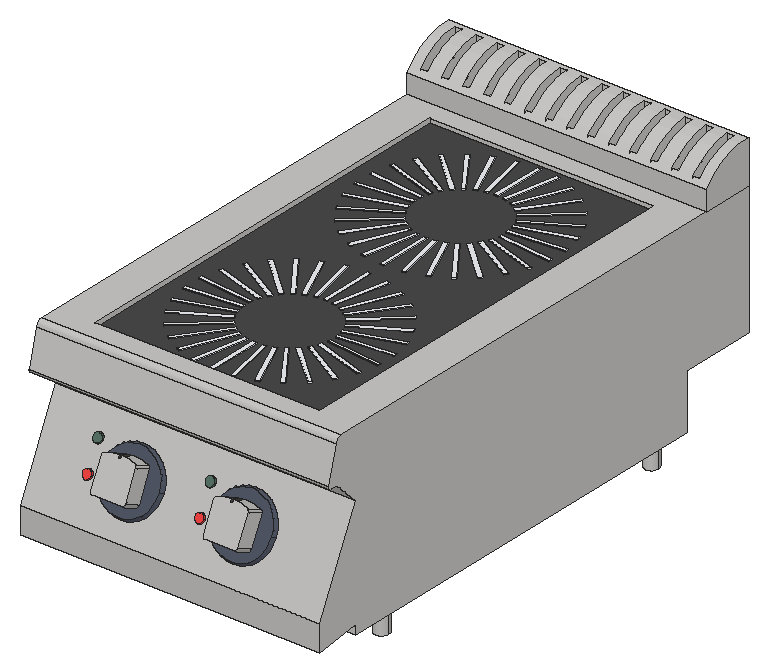
Revit family "QF_ZANUSSI_372175_Z7INED200P", category Specialty Equipment, Revit 2018
Family settings
  Round Connector Dimension = Use Diameter
  Part Type = Normal
  Work Plane-Based = No
  Always vertical = Yes
  Cut with Voids When Loaded = No
  Shared = No
  Room Calculation Point = No
Parameters
  Width = 400 mm  # constant formula
  Weight in Pounds = 44  # constant formula
  Weight = 0.00 kg
  Watts = 10000 W  # constant formula
  Volts = 400 V  # constant formula
  URL Manufacturer = "http://www.zanussiprofessional.com"
  URL Cutsheet = "www.electrolux.com/foodservice"
  URL = "http://www.zanussiprofessional.com"
  Type Mark [instance] = ""
  Steam Supply Size = 0"
  Steam Supply Minimum Pressure = 0.00 psi
  Steam Supply Maximum Pressure = 0.00 psi
  Steam Pounds per Hour = 0
  Status [instance] = ""
  Specification by User [instance] = ""
  Specification by Manufacturer = ""
  Show Logo [instance] = yes
  Show Clearance [instance] = yes
  Serial Number = ""
  Seismic Rating = ""
  SMACNA No = ""
  Revision Code [instance] = ""
  Refrigeration Suction Line Size = 0"
  Refrigeration Liquid Line Size = 0"
  Refrigerant Compressor Remote = yes
  Phase = 3  # constant formula
  Omniclass Number and Title = ""
  Number of Poles [instance] = 1
  NAFEM Spec ID Number = ""
  Model = "Z7INED200P"
  Min Ckt Ampacity = 0 A
  Max Overcurrent Protection = 0 A
  Masterspec = ""
  Manufacturer = "Zanussi"
  Length Actual = 400 mm  # constant formula
  Item Number [instance] = "372175"
  Installed By [instance] = ""
  Identify Quantity as Lot [instance] = yes
  Hot Water Size = 0"
  Height Actual = 250 mm  # constant formula
  Height = 332 mm  # constant formula
  HP = "13.4 HP"
  Gas Size = 0"
  Gas KW = 0
  Gas Input Pressure = 0.0 Btu/h
  Furnished By [instance] = ""
  Foodservice Equipment Identifier [instance] = yes
  FL Amps = if(Phase = 3, Watts / (Volts * 1.73), Watts / Volts)  # 14.4509 A
  Electrical Remarks [instance] = "400 V/3 ph/50/60 Hz"  # constant formula
  Electric Connection Type [instance] = ""
  Elec Conn RI Height [instance] = 0 mm
  Elec Conn Connection Height [instance] = 0 mm
  Direct Waste Size = 0"
  Description = "ELECTRIC INDUCTION COOKING TOP HP 400 MM"
  Depth Actual = 700 mm  # constant formula
  Depth = 715 mm  # constant formula
  Cycle = if([60 Hertz Option], 60 Hz, 50 Hz)  # 60 Hz
  Conn Plug = ""
  Conn Conduit = yes
  Condensate Return Size = 0"
  Compressed Air Volume = 0 GPM
  Compressed Air Size = 0"
  Compressed Air Pressure = 0.00 psi
  Cold Water Size = 0"
  CSI MasterFormat = ""
  CSI Master Format = ""
  Base Height [instance] = 24 mm  # constant formula
  Assembly Code = ""
  Apparent Power = if(Phase = 3, Volts * FL Amps * 1.73, Volts * FL Amps)  # 10000 VA
  Accessory = yes
  60 Hertz Option = not([50 Hertz Option])  # yes
  50 Hertz Option = no
Reference planes
  plane 1 "BACK": y = 0
  plane 2: z = 0
  plane 3 "LEFT": x = 0
  plane 4 "RIGHT": x = 400
  plane 5 "FRONT": y = -715
  plane 6 "TOP": z = 332
  plane 7 "Center Y": x = 200
  plane 8 "Center X": y = -357.5
  plane 9 "BASE": z = 24
  plane 10 "TOP A": z = 274
  plane 11: y = -597.884
  plane 12: y = -147.637
Forms (mm)
  Extrusion 1, solid, material "QF_Finishes_Stainless Steel"
    sketch origin (0, 0, 0) x (0, 1, 0) y (0, 0, 1)
      loop
        line (0, 98) -> (0, 274) -> (-679.358, 274)
        arc (-679.358, 274) -> (-684.643, 271.811) -> (-686.833, 266.526) r 7.474
        line (-686.833, 266.526) -> (-699.884, 221.011)
        arc (-699.884, 221.011) -> (-699.396, 218.379) -> (-697, 217.184) r 3
        line (-697, 217.184) -> (-686.802, 217.184) -> (-654.982, 185.364) -> (-715, 64.508) -> (-715, 29.508) -> (-658.645, 37.428)
        arc (-658.645, 37.428) -> (-656.101, 36.674) -> (-655, 34.259) r 3.2
        line (-655, 34.259) -> (-655, 24) -> (-103, 24) -> (-103, 98) -> (0, 98)
    from 0 to 400
  Extrusion 2, solid, material "QF_Finishes_Stainless Steel"
    sketch origin (0, 0, 0) x (0, 1, 0) y (0, 0, 1)
      loop
        line (0, 274) -> (0, 332)
        arc (0, 332) -> (-38.715, 323.821) -> (-69.85, 299.4) r 87.358
        line (-69.85, 299.4) -> (-69.85, 274) -> (0, 274)
    from 0 to 400
  Extrusion 3, void
    sketch origin (0, 0, 274) x (-1, 0, 0) y (0, -1, 0)
      loop
        line (-50, 93.262) -> (-50, 653.262) -> (-350, 653.262) -> (-350, 93.262) -> (-50, 93.262)
    from 0 to -6.35
  Extrusion 4, void
    sketch origin (0, 0, 274) x (-1, 0, 0) y (0, -1, 0)
      loop
        line (-13.453, 6.761) -> (-13.453, 63.911) -> (-22.749, 63.911) -> (-22.749, 6.761) -> (-13.453, 6.761)
    from 25.4 to 63.5
  Extrusion 5, void
    sketch origin (400.05, 0, 274) x (1, 0, 0) y (0, 1, 0)
      loop
        line (-13.503, -6.761) -> (-22.799, -6.761) -> (-22.799, -63.911) -> (-13.503, -63.911) -> (-13.503, -6.761)
    from 25.4 to 63.5
  Extrusion 6, void
    sketch origin (27.988, 0, 274) x (-1, 0, 0) y (0, -1, 0)
      loop
        line (-13.453, 6.761) -> (-13.453, 63.911) -> (-22.749, 63.911) -> (-22.749, 6.761) -> (-13.453, 6.761)
    from 25.4 to 63.5
  Extrusion 7, void
    sketch origin (55.977, 0, 274) x (-1, 0, 0) y (0, -1, 0)
      loop
        line (-13.453, 6.761) -> (-13.453, 63.911) -> (-22.749, 63.911) -> (-22.749, 6.761) -> (-13.453, 6.761)
    from 25.4 to 63.5
  Extrusion 8, void
    sketch origin (83.965, 0, 274) x (-1, 0, 0) y (0, -1, 0)
      loop
        line (-13.428, 6.761) -> (-13.428, 63.911) -> (-22.724, 63.911) -> (-22.724, 6.761) -> (-13.428, 6.761)
    from 25.4 to 63.5
  Extrusion 9, void
    sketch origin (111.953, 0, 274) x (-1, 0, 0) y (0, -1, 0)
      loop
        line (-13.428, 6.761) -> (-13.428, 63.911) -> (-22.724, 63.911) -> (-22.724, 6.761) -> (-13.428, 6.761)
    from 25.4 to 63.5
  Extrusion 10, void
    sketch origin (139.942, 0, 274) x (-1, 0, 0) y (0, -1, 0)
      loop
        line (-13.428, 6.761) -> (-13.428, 63.911) -> (-22.724, 63.911) -> (-22.724, 6.761) -> (-13.428, 6.761)
    from 25.4 to 63.5
  Extrusion 11, void
    sketch origin (167.93, 0, 274) x (-1, 0, 0) y (0, -1, 0)
      loop
        line (-13.428, 6.761) -> (-13.428, 63.911) -> (-22.724, 63.911) -> (-22.724, 6.761) -> (-13.428, 6.761)
    from 25.4 to 63.5
  Extrusion 12, void
    sketch origin (195.918, 0, 274) x (-1, 0, 0) y (0, -1, 0)
      loop
        line (-13.428, 6.761) -> (-13.428, 63.911) -> (-22.724, 63.911) -> (-22.724, 6.761) -> (-13.428, 6.761)
    from 25.4 to 63.5
  Extrusion 13, void
    sketch origin (223.907, 0, 274) x (-1, 0, 0) y (0, -1, 0)
      loop
        line (-13.428, 6.761) -> (-13.428, 63.911) -> (-22.724, 63.911) -> (-22.724, 6.761) -> (-13.428, 6.761)
    from 25.4 to 63.5
  Extrusion 14, void
    sketch origin (251.895, 0, 274) x (-1, 0, 0) y (0, -1, 0)
      loop
        line (-13.428, 6.761) -> (-13.428, 63.911) -> (-22.724, 63.911) -> (-22.724, 6.761) -> (-13.428, 6.761)
    from 25.4 to 63.5
  Extrusion 15, void
    sketch origin (279.884, 0, 274) x (-1, 0, 0) y (0, -1, 0)
      loop
        line (-13.403, 6.761) -> (-13.403, 63.911) -> (-22.699, 63.911) -> (-22.699, 6.761) -> (-13.403, 6.761)
    from 25.4 to 63.5
  Extrusion 16, void
    sketch origin (307.872, 0, 274) x (-1, 0, 0) y (0, -1, 0)
      loop
        line (-13.403, 6.761) -> (-13.403, 63.911) -> (-22.699, 63.911) -> (-22.699, 6.761) -> (-13.403, 6.761)
    from 25.4 to 63.5
  Extrusion 17, void
    sketch origin (335.86, 0, 274) x (-1, 0, 0) y (0, -1, 0)
      loop
        line (-13.403, 6.761) -> (-13.403, 63.911) -> (-22.699, 63.911) -> (-22.699, 6.761) -> (-13.403, 6.761)
    from 25.4 to 63.5
  Extrusion 18, solid, material "QF_Finishes_Stainless Steel"
    sketch origin (0, 0, 0) x (1, 0, 0) y (0, 1, 0)
      loop
        circle (11.112, -147.638) r 9.525
      loop
        circle (11.112, -597.884) r 9.525
      loop
        circle (388.887, -147.638) r 9.525
      loop
        circle (388.887, -597.884) r 9.525
    from 0 to 24
  Extrusion 19, solid, material "QF_Finishes_Stainless Steel"
    sketch origin (0, -101.6, 101.788) x (0, 0, -1) y (-1, 0, 0)
      loop
        circle (43.882, -336.5) r 12.7
    from 0 to 12.7
  Extrusion 20, solid, material "QF_Finishes_Clearance", visible <- "Show Clearance", detail levels coarse
    sketch origin (0, 0, 0) x (1, 0, 0) y (0, 1, 0)
      loop
        line (0, -715) -> (0, 0) -> (400, 0) -> (400, -715) -> (550.019, -715) -> (550.019, 150.019) -> (-150.019, 150.019) -> (-150.019, -715) -> (0, -715)
    from 0 to 332
  Extrusion 21, solid, material "QF_Finishes_White"
    sketch origin (0, 0, 267.65) x (-1, 0, 0) y (0, -1, 0)
      loop
        line (-196.926, 361.478) -> (-201.926, 361.478) -> (-201.926, 288.082) -> (-196.926, 288.082) -> (-196.926, 361.478)
    from 0 to 0.8
  Extrusion 22, solid, material "QF_Finishes_White"
    sketch origin (52.177, 36.558, 267.65) x (-0.978148, 0.207912, 0) y (-0.207912, -0.978148, 0)
      loop
        line (-196.926, 361.478) -> (-201.926, 361.478) -> (-201.926, 288.082) -> (-196.926, 288.082) -> (-196.926, 361.478)
    from 0 to 0.8
  Extrusion 23, solid, material "QF_Finishes_White"
    sketch origin (-43.436, -46.607, 267.65) x (-0.978148, -0.207912, 0) y (0.207912, -0.978148, 0)
      loop
        line (-196.926, 361.478) -> (-201.926, 361.478) -> (-201.926, 288.082) -> (-196.926, 288.082) -> (-196.926, 361.478)
    from 0 to 0.8
  Extrusion 24, solid, material "QF_Finishes_White"
    sketch origin (-76.233, -101.226, 267.65) x (-0.913545, -0.406737, 0) y (0.406737, -0.913545, 0)
      loop
        line (-196.926, 361.478) -> (-201.926, 361.478) -> (-201.926, 288.082) -> (-196.926, 288.082) -> (-196.926, 361.478)
    from 0 to 0.8
  Extrusion 25, solid, material "QF_Finishes_White"
    sketch origin (-96.957, -161.471, 267.65) x (-0.809017, -0.587785, 0) y (0.587785, -0.809017, 0)
      loop
        line (-196.926, 361.478) -> (-201.926, 361.478) -> (-201.926, 288.082) -> (-196.926, 288.082) -> (-196.926, 361.478)
    from 0 to 0.8
  Extrusion 26, solid, material "QF_Finishes_White"
    sketch origin (-104.703, -224.708, 267.65) x (-0.669131, -0.743145, 0) y (0.743145, -0.669131, 0)
      loop
        line (-196.926, 361.478) -> (-201.926, 361.478) -> (-201.926, 288.082) -> (-196.926, 288.082) -> (-196.926, 361.478)
    from 0 to 0.8
  Extrusion 27, solid, material "QF_Finishes_White"
    sketch origin (-99.132, -288.174, 267.65) x (-0.5, -0.866025, 0) y (0.866025, -0.5, 0)
      loop
        line (-196.926, 361.478) -> (-201.926, 361.478) -> (-201.926, 288.082) -> (-196.926, 288.082) -> (-196.926, 361.478)
    from 0 to 0.8
  Extrusion 28, solid, material "QF_Finishes_White"
    sketch origin (-80.487, -349.094, 267.65) x (-0.309017, -0.951057, 0) y (0.951057, -0.309017, 0)
      loop
        line (-196.926, 361.478) -> (-201.926, 361.478) -> (-201.926, 288.082) -> (-196.926, 288.082) -> (-196.926, 361.478)
    from 0 to 0.8
  Extrusion 29, solid, material "QF_Finishes_White"
    sketch origin (-49.583, -404.807, 267.65) x (-0.104528, -0.994522, 0) y (0.994522, -0.104528, 0)
      loop
        line (-196.926, 361.478) -> (-201.926, 361.478) -> (-201.926, 288.082) -> (-196.926, 288.082) -> (-196.926, 361.478)
    from 0 to 0.8
  Extrusion 30, solid, material "QF_Finishes_White"
    sketch origin (-7.772, -452.877, 267.65) x (0.104528, -0.994522, 0) y (0.994522, 0.104528, 0)
      loop
        line (-196.926, 361.478) -> (-201.926, 361.478) -> (-201.926, 288.082) -> (-196.926, 288.082) -> (-196.926, 361.478)
    from 0 to 0.8
  Extrusion 31, solid, material "QF_Finishes_White"
    sketch origin (43.12, -491.203, 267.65) x (0.309017, -0.951057, 0) y (0.951057, 0.309017, 0)
      loop
        line (-196.926, 361.478) -> (-201.926, 361.478) -> (-201.926, 288.082) -> (-196.926, 288.082) -> (-196.926, 361.478)
    from 0 to 0.8
  Extrusion 32, solid, material "QF_Finishes_White"
    sketch origin (100.868, -518.111, 267.65) x (0.5, -0.866025, 0) y (0.866025, 0.5, 0)
      loop
        line (-196.926, 361.478) -> (-201.926, 361.478) -> (-201.926, 288.082) -> (-196.926, 288.082) -> (-196.926, 361.478)
    from 0 to 0.8
  Extrusion 33, solid, material "QF_Finishes_White"
    sketch origin (162.949, -532.424, 267.65) x (0.669131, -0.743145, 0) y (0.743145, 0.669131, 0)
      loop
        line (-196.926, 361.478) -> (-201.926, 361.478) -> (-201.926, 288.082) -> (-196.926, 288.082) -> (-196.926, 361.478)
    from 0 to 0.8
  Extrusion 34, solid, material "QF_Finishes_White"
    sketch origin (226.65, -533.518, 267.65) x (0.809017, -0.587785, 0) y (0.587785, 0.809017, 0)
      loop
        line (-196.926, 361.478) -> (-201.926, 361.478) -> (-201.926, 288.082) -> (-196.926, 288.082) -> (-196.926, 361.478)
    from 0 to 0.8
  Extrusion 35, solid, material "QF_Finishes_White"
    sketch origin (289.185, -521.343, 267.65) x (0.913545, -0.406737, 0) y (0.406737, 0.913545, 0)
      loop
        line (-196.926, 361.478) -> (-201.926, 361.478) -> (-201.926, 288.082) -> (-196.926, 288.082) -> (-196.926, 361.478)
    from 0 to 0.8
  Extrusion 36, solid, material "QF_Finishes_White"
    sketch origin (347.823, -496.432, 267.65) x (0.978148, -0.207912, 0) y (0.207912, 0.978148, 0)
      loop
        line (-196.926, 361.478) -> (-201.926, 361.478) -> (-201.926, 288.082) -> (-196.926, 288.082) -> (-196.926, 361.478)
    from 0 to 0.8
  Extrusion 37, solid, material "QF_Finishes_White"
    sketch origin (400, -459.875, 267.65) x (1, 0, 0) y (0, 1, 0)
      loop
        line (-196.926, 361.478) -> (-201.926, 361.478) -> (-201.926, 288.082) -> (-196.926, 288.082) -> (-196.926, 361.478)
    from 0 to 0.8
  Extrusion 38, solid, material "QF_Finishes_White"
    sketch origin (443.436, -413.268, 267.65) x (0.978148, 0.207912, 0) y (-0.207912, 0.978148, 0)
      loop
        line (-196.926, 361.478) -> (-201.926, 361.478) -> (-201.926, 288.082) -> (-196.926, 288.082) -> (-196.926, 361.478)
    from 0 to 0.8
  Extrusion 39, solid, material "QF_Finishes_White"
    sketch origin (476.233, -358.648, 267.65) x (0.913545, 0.406737, 0) y (-0.406737, 0.913545, 0)
      loop
        line (-196.926, 361.478) -> (-201.926, 361.478) -> (-201.926, 288.082) -> (-196.926, 288.082) -> (-196.926, 361.478)
    from 0 to 0.8
  Extrusion 40, solid, material "QF_Finishes_White"
    sketch origin (496.957, -298.403, 267.65) x (0.809017, 0.587785, 0) y (-0.587785, 0.809017, 0)
      loop
        line (-196.926, 361.478) -> (-201.926, 361.478) -> (-201.926, 288.082) -> (-196.926, 288.082) -> (-196.926, 361.478)
    from 0 to 0.8
  Extrusion 41, solid, material "QF_Finishes_White"
    sketch origin (504.703, -235.166, 267.65) x (0.669131, 0.743145, 0) y (-0.743145, 0.669131, 0)
      loop
        line (-196.926, 361.478) -> (-201.926, 361.478) -> (-201.926, 288.082) -> (-196.926, 288.082) -> (-196.926, 361.478)
    from 0 to 0.8
  Extrusion 42, solid, material "QF_Finishes_White"
    sketch origin (499.132, -171.701, 267.65) x (0.5, 0.866025, 0) y (-0.866025, 0.5, 0)
      loop
        line (-196.926, 361.478) -> (-201.926, 361.478) -> (-201.926, 288.082) -> (-196.926, 288.082) -> (-196.926, 361.478)
    from 0 to 0.8
  Extrusion 43, solid, material "QF_Finishes_White"
    sketch origin (480.487, -110.781, 267.65) x (0.309017, 0.951057, 0) y (-0.951057, 0.309017, 0)
      loop
        line (-196.926, 361.478) -> (-201.926, 361.478) -> (-201.926, 288.082) -> (-196.926, 288.082) -> (-196.926, 361.478)
    from 0 to 0.8
  Extrusion 44, solid, material "QF_Finishes_White"
    sketch origin (449.583, -55.068, 267.65) x (0.104528, 0.994522, 0) y (-0.994522, 0.104528, 0)
      loop
        line (-196.926, 361.478) -> (-201.926, 361.478) -> (-201.926, 288.082) -> (-196.926, 288.082) -> (-196.926, 361.478)
    from 0 to 0.8
  Extrusion 45, solid, material "QF_Finishes_White"
    sketch origin (407.772, -6.998, 267.65) x (-0.104528, 0.994522, 0) y (-0.994522, -0.104528, 0)
      loop
        line (-196.926, 361.478) -> (-201.926, 361.478) -> (-201.926, 288.082) -> (-196.926, 288.082) -> (-196.926, 361.478)
    from 0 to 0.8
  Extrusion 46, solid, material "QF_Finishes_White"
    sketch origin (356.88, 31.329, 267.65) x (-0.309017, 0.951057, 0) y (-0.951057, -0.309017, 0)
      loop
        line (-196.926, 361.478) -> (-201.926, 361.478) -> (-201.926, 288.082) -> (-196.926, 288.082) -> (-196.926, 361.478)
    from 0 to 0.8
  Extrusion 47, solid, material "QF_Finishes_White"
    sketch origin (299.132, 58.236, 267.65) x (-0.5, 0.866025, 0) y (-0.866025, -0.5, 0)
      loop
        line (-196.926, 361.478) -> (-201.926, 361.478) -> (-201.926, 288.082) -> (-196.926, 288.082) -> (-196.926, 361.478)
    from 0 to 0.8
  Extrusion 48, solid, material "QF_Finishes_White"
    sketch origin (237.051, 72.55, 267.65) x (-0.669131, 0.743145, 0) y (-0.743145, -0.669131, 0)
      loop
        line (-196.926, 361.478) -> (-201.926, 361.478) -> (-201.926, 288.082) -> (-196.926, 288.082) -> (-196.926, 361.478)
    from 0 to 0.8
  Extrusion 49, solid, material "QF_Finishes_White"
    sketch origin (173.35, 73.643, 267.65) x (-0.809017, 0.587785, 0) y (-0.587785, -0.809017, 0)
      loop
        line (-196.926, 361.478) -> (-201.926, 361.478) -> (-201.926, 288.082) -> (-196.926, 288.082) -> (-196.926, 361.478)
    from 0 to 0.8
  Extrusion 50, solid, material "QF_Finishes_White"
    sketch origin (110.815, 61.468, 267.65) x (-0.913545, 0.406737, 0) y (-0.406737, -0.913545, 0)
      loop
        line (-196.926, 361.478) -> (-201.926, 361.478) -> (-201.926, 288.082) -> (-196.926, 288.082) -> (-196.926, 361.478)
    from 0 to 0.8
  Extrusion 51, solid, material "QF_Finishes_White"
    sketch origin (0, -285, 267.65) x (-1, 0, 0) y (0, -1, 0)
      loop
        line (-196.926, 361.478) -> (-201.926, 361.478) -> (-201.926, 288.082) -> (-196.926, 288.082) -> (-196.926, 361.478)
    from 0 to 0.8
  Extrusion 52, solid, material "QF_Finishes_White"
    sketch origin (52.177, -248.442, 267.65) x (-0.978148, 0.207912, 0) y (-0.207912, -0.978148, 0)
      loop
        line (-196.926, 361.478) -> (-201.926, 361.478) -> (-201.926, 288.082) -> (-196.926, 288.082) -> (-196.926, 361.478)
    from 0 to 0.8
  Extrusion 53, solid, material "QF_Finishes_White"
    sketch origin (-43.436, -331.607, 267.65) x (-0.978148, -0.207912, 0) y (0.207912, -0.978148, 0)
      loop
        line (-196.926, 361.478) -> (-201.926, 361.478) -> (-201.926, 288.082) -> (-196.926, 288.082) -> (-196.926, 361.478)
    from 0 to 0.8
  Extrusion 54, solid, material "QF_Finishes_White"
    sketch origin (-76.233, -386.226, 267.65) x (-0.913545, -0.406737, 0) y (0.406737, -0.913545, 0)
      loop
        line (-196.926, 361.478) -> (-201.926, 361.478) -> (-201.926, 288.082) -> (-196.926, 288.082) -> (-196.926, 361.478)
    from 0 to 0.8
  Extrusion 55, solid, material "QF_Finishes_White"
    sketch origin (-96.957, -446.471, 267.65) x (-0.809017, -0.587785, 0) y (0.587785, -0.809017, 0)
      loop
        line (-196.926, 361.478) -> (-201.926, 361.478) -> (-201.926, 288.082) -> (-196.926, 288.082) -> (-196.926, 361.478)
    from 0 to 0.8
  Extrusion 56, solid, material "QF_Finishes_White"
    sketch origin (-104.703, -509.708, 267.65) x (-0.669131, -0.743145, 0) y (0.743145, -0.669131, 0)
      loop
        line (-196.926, 361.478) -> (-201.926, 361.478) -> (-201.926, 288.082) -> (-196.926, 288.082) -> (-196.926, 361.478)
    from 0 to 0.8
  Extrusion 57, solid, material "QF_Finishes_White"
    sketch origin (-99.132, -573.174, 267.65) x (-0.5, -0.866025, 0) y (0.866025, -0.5, 0)
      loop
        line (-196.926, 361.478) -> (-201.926, 361.478) -> (-201.926, 288.082) -> (-196.926, 288.082) -> (-196.926, 361.478)
    from 0 to 0.8
  Extrusion 58, solid, material "QF_Finishes_White"
    sketch origin (-80.487, -634.094, 267.65) x (-0.309017, -0.951057, 0) y (0.951057, -0.309017, 0)
      loop
        line (-196.926, 361.478) -> (-201.926, 361.478) -> (-201.926, 288.082) -> (-196.926, 288.082) -> (-196.926, 361.478)
    from 0 to 0.8
  Extrusion 59, solid, material "QF_Finishes_White"
    sketch origin (-49.583, -689.807, 267.65) x (-0.104528, -0.994522, 0) y (0.994522, -0.104528, 0)
      loop
        line (-196.926, 361.478) -> (-201.926, 361.478) -> (-201.926, 288.082) -> (-196.926, 288.082) -> (-196.926, 361.478)
    from 0 to 0.8
  Extrusion 60, solid, material "QF_Finishes_White"
    sketch origin (-7.772, -737.877, 267.65) x (0.104528, -0.994522, 0) y (0.994522, 0.104528, 0)
      loop
        line (-196.926, 361.478) -> (-201.926, 361.478) -> (-201.926, 288.082) -> (-196.926, 288.082) -> (-196.926, 361.478)
    from 0 to 0.8
  Extrusion 61, solid, material "QF_Finishes_White"
    sketch origin (43.12, -776.203, 267.65) x (0.309017, -0.951057, 0) y (0.951057, 0.309017, 0)
      loop
        line (-196.926, 361.478) -> (-201.926, 361.478) -> (-201.926, 288.082) -> (-196.926, 288.082) -> (-196.926, 361.478)
    from 0 to 0.8
  Extrusion 62, solid, material "QF_Finishes_White"
    sketch origin (100.868, -803.111, 267.65) x (0.5, -0.866025, 0) y (0.866025, 0.5, 0)
      loop
        line (-196.926, 361.478) -> (-201.926, 361.478) -> (-201.926, 288.082) -> (-196.926, 288.082) -> (-196.926, 361.478)
    from 0 to 0.8
  Extrusion 63, solid, material "QF_Finishes_White"
    sketch origin (162.949, -817.424, 267.65) x (0.669131, -0.743145, 0) y (0.743145, 0.669131, 0)
      loop
        line (-196.926, 361.478) -> (-201.926, 361.478) -> (-201.926, 288.082) -> (-196.926, 288.082) -> (-196.926, 361.478)
    from 0 to 0.8
  Extrusion 64, solid, material "QF_Finishes_White"
    sketch origin (226.65, -818.518, 267.65) x (0.809017, -0.587785, 0) y (0.587785, 0.809017, 0)
      loop
        line (-196.926, 361.478) -> (-201.926, 361.478) -> (-201.926, 288.082) -> (-196.926, 288.082) -> (-196.926, 361.478)
    from 0 to 0.8
  Extrusion 65, solid, material "QF_Finishes_White"
    sketch origin (289.185, -806.343, 267.65) x (0.913545, -0.406737, 0) y (0.406737, 0.913545, 0)
      loop
        line (-196.926, 361.478) -> (-201.926, 361.478) -> (-201.926, 288.082) -> (-196.926, 288.082) -> (-196.926, 361.478)
    from 0 to 0.8
  Extrusion 66, solid, material "QF_Finishes_White"
    sketch origin (347.823, -781.432, 267.65) x (0.978148, -0.207912, 0) y (0.207912, 0.978148, 0)
      loop
        line (-196.926, 361.478) -> (-201.926, 361.478) -> (-201.926, 288.082) -> (-196.926, 288.082) -> (-196.926, 361.478)
    from 0 to 0.8
  Extrusion 67, solid, material "QF_Finishes_White"
    sketch origin (400, -744.875, 267.65) x (1, 0, 0) y (0, 1, 0)
      loop
        line (-196.926, 361.478) -> (-201.926, 361.478) -> (-201.926, 288.082) -> (-196.926, 288.082) -> (-196.926, 361.478)
    from 0 to 0.8
  Extrusion 68, solid, material "QF_Finishes_White"
    sketch origin (443.436, -698.268, 267.65) x (0.978148, 0.207912, 0) y (-0.207912, 0.978148, 0)
      loop
        line (-196.926, 361.478) -> (-201.926, 361.478) -> (-201.926, 288.082) -> (-196.926, 288.082) -> (-196.926, 361.478)
    from 0 to 0.8
  Extrusion 69, solid, material "QF_Finishes_White"
    sketch origin (476.233, -643.648, 267.65) x (0.913545, 0.406737, 0) y (-0.406737, 0.913545, 0)
      loop
        line (-196.926, 361.478) -> (-201.926, 361.478) -> (-201.926, 288.082) -> (-196.926, 288.082) -> (-196.926, 361.478)
    from 0 to 0.8
  Extrusion 70, solid, material "QF_Finishes_White"
    sketch origin (496.957, -583.403, 267.65) x (0.809017, 0.587785, 0) y (-0.587785, 0.809017, 0)
      loop
        line (-196.926, 361.478) -> (-201.926, 361.478) -> (-201.926, 288.082) -> (-196.926, 288.082) -> (-196.926, 361.478)
    from 0 to 0.8
  Extrusion 71, solid, material "QF_Finishes_White"
    sketch origin (504.703, -520.166, 267.65) x (0.669131, 0.743145, 0) y (-0.743145, 0.669131, 0)
      loop
        line (-196.926, 361.478) -> (-201.926, 361.478) -> (-201.926, 288.082) -> (-196.926, 288.082) -> (-196.926, 361.478)
    from 0 to 0.8
  Extrusion 72, solid, material "QF_Finishes_White"
    sketch origin (499.132, -456.701, 267.65) x (0.5, 0.866025, 0) y (-0.866025, 0.5, 0)
      loop
        line (-196.926, 361.478) -> (-201.926, 361.478) -> (-201.926, 288.082) -> (-196.926, 288.082) -> (-196.926, 361.478)
    from 0 to 0.8
  Extrusion 73, solid, material "QF_Finishes_White"
    sketch origin (480.487, -395.781, 267.65) x (0.309017, 0.951057, 0) y (-0.951057, 0.309017, 0)
      loop
        line (-196.926, 361.478) -> (-201.926, 361.478) -> (-201.926, 288.082) -> (-196.926, 288.082) -> (-196.926, 361.478)
    from 0 to 0.8
  Extrusion 74, solid, material "QF_Finishes_White"
    sketch origin (449.583, -340.068, 267.65) x (0.104528, 0.994522, 0) y (-0.994522, 0.104528, 0)
      loop
        line (-196.926, 361.478) -> (-201.926, 361.478) -> (-201.926, 288.082) -> (-196.926, 288.082) -> (-196.926, 361.478)
    from 0 to 0.8
  Extrusion 75, solid, material "QF_Finishes_White"
    sketch origin (407.772, -291.998, 267.65) x (-0.104528, 0.994522, 0) y (-0.994522, -0.104528, 0)
      loop
        line (-196.926, 361.478) -> (-201.926, 361.478) -> (-201.926, 288.082) -> (-196.926, 288.082) -> (-196.926, 361.478)
    from 0 to 0.8
  Extrusion 76, solid, material "QF_Finishes_White"
    sketch origin (356.88, -253.671, 267.65) x (-0.309017, 0.951057, 0) y (-0.951057, -0.309017, 0)
      loop
        line (-196.926, 361.478) -> (-201.926, 361.478) -> (-201.926, 288.082) -> (-196.926, 288.082) -> (-196.926, 361.478)
    from 0 to 0.8
  Extrusion 77, solid, material "QF_Finishes_White"
    sketch origin (299.132, -226.764, 267.65) x (-0.5, 0.866025, 0) y (-0.866025, -0.5, 0)
      loop
        line (-196.926, 361.478) -> (-201.926, 361.478) -> (-201.926, 288.082) -> (-196.926, 288.082) -> (-196.926, 361.478)
    from 0 to 0.8
  Extrusion 78, solid, material "QF_Finishes_White"
    sketch origin (237.051, -212.45, 267.65) x (-0.669131, 0.743145, 0) y (-0.743145, -0.669131, 0)
      loop
        line (-196.926, 361.478) -> (-201.926, 361.478) -> (-201.926, 288.082) -> (-196.926, 288.082) -> (-196.926, 361.478)
    from 0 to 0.8
  Extrusion 79, solid, material "QF_Finishes_White"
    sketch origin (173.35, -211.357, 267.65) x (-0.809017, 0.587785, 0) y (-0.587785, -0.809017, 0)
      loop
        line (-196.926, 361.478) -> (-201.926, 361.478) -> (-201.926, 288.082) -> (-196.926, 288.082) -> (-196.926, 361.478)
    from 0 to 0.8
  Extrusion 80, solid, material "QF_Finishes_White"
    sketch origin (110.815, -223.532, 267.65) x (-0.913545, 0.406737, 0) y (-0.406737, -0.913545, 0)
      loop
        line (-196.926, 361.478) -> (-201.926, 361.478) -> (-201.926, 288.082) -> (-196.926, 288.082) -> (-196.926, 361.478)
    from 0 to 0.8
  Blend 81, solid, material "QF_Finishes_Navy Blue"
    base sketch origin (125, -684.991, 124.936) x (1, 0, 0) y (0, 0.444781, 0.895639)
      loop
        circle (0, 0) r 42.5
    top sketch origin (125, -684.991, 124.936) x (1, 0, 0) y (0, 0.444781, 0.895639)
      loop
        circle (0, 0) r 40.5
    from 0 to 5
  Extrusion 82, solid, material "QF_Finishes_Stainless Steel"
    sketch origin (125, -684.991, 124.936) x (1, 0, 0) y (0, 0.444781, 0.895639)
      loop
        arc (-21.147, 22.789) -> (-22.494, 21.685) -> (-23, 20.019) r 2.997
        line (-23, 20.019) -> (-23, -20.019)
        arc (-23, -20.019) -> (-22.122, -22.138) -> (-20.003, -23.016) r 2.997
        line (-20.003, -23.016) -> (20.003, -23.016)
        arc (20.003, -23.016) -> (22.122, -22.138) -> (23, -20.019) r 2.997
        line (23, -20.019) -> (23, 20.019)
        arc (23, 20.019) -> (22.494, 21.685) -> (21.147, 22.789) r 2.997
        arc (21.147, 22.789) -> (0, 26.984) -> (-21.147, 22.789) r 55.4
    from 10 to 34
  Extrusion 83, solid, material "QF_Plastic-Black-Matte"
    sketch origin (205, -684.991, 124.936) x (0, 0.444781, 0.895639) y (0, -0.895639, 0.444781)
      loop
        line (26.984, 34) -> (26.984, 19) -> (27.984, 19) -> (27.984, 34)
        arc (27.984, 34) -> (27.691, 34.707) -> (26.984, 35) r 1
        line (26.984, 35) -> (23.984, 35) -> (23.984, 34) -> (26.984, 34)
    from -81 to -79
  Extrusion 84, solid, material "QF_Finishes_Red"
    sketch origin (125, -689.439, 115.98) x (1, 0, 0) y (0, 0.444781, 0.895639)
      loop
        circle (-55.001, 0) r 6
    from 0 to 1.6
  Extrusion 85, solid, material "QF_Finishes_Stainless Steel"
    sketch origin (125, -684.991, 124.936) x (1, 0, 0) y (0, 0.444781, 0.895639)
      loop
        line (17.5, 17.5) -> (-17.5, 17.5) -> (-17.5, -17.5) -> (17.5, -17.5) -> (17.5, 17.5)
    from 5 to 10
  Blend 86, solid, material "QF_Finishes_Navy Blue"
    base sketch origin (275, -684.991, 124.936) x (1, 0, 0) y (0, 0.444781, 0.895639)
      loop
        circle (0, 0) r 42.5
    top sketch origin (275, -684.991, 124.936) x (1, 0, 0) y (0, 0.444781, 0.895639)
      loop
        circle (0, 0) r 40.5
    from 0 to 5
  Extrusion 87, solid, material "QF_Finishes_Stainless Steel"
    sketch origin (275, -684.991, 124.936) x (1, 0, 0) y (0, 0.444781, 0.895639)
      loop
        arc (-21.147, 22.789) -> (-22.494, 21.685) -> (-23, 20.019) r 2.997
        line (-23, 20.019) -> (-23, -20.019)
        arc (-23, -20.019) -> (-22.122, -22.138) -> (-20.003, -23.016) r 2.997
        line (-20.003, -23.016) -> (20.003, -23.016)
        arc (20.003, -23.016) -> (22.122, -22.138) -> (23, -20.019) r 2.997
        line (23, -20.019) -> (23, 20.019)
        arc (23, 20.019) -> (22.494, 21.685) -> (21.147, 22.789) r 2.997
        arc (21.147, 22.789) -> (0, 26.984) -> (-21.147, 22.789) r 55.4
    from 10 to 34
  Extrusion 88, solid, material "QF_Finishes_Stainless Steel"
    sketch origin (275, -684.991, 124.936) x (1, 0, 0) y (0, 0.444781, 0.895639)
      loop
        line (17.5, 17.5) -> (-17.5, 17.5) -> (-17.5, -17.5) -> (17.5, -17.5) -> (17.5, 17.5)
    from 5 to 10
  Extrusion 89, solid, material "QF_Plastic-Black-Matte"
    sketch origin (195, -684.991, 124.936) x (0, 0.444781, 0.895639) y (0, 0.895639, -0.444781)
      loop
        line (26.984, -34) -> (23.984, -34) -> (23.984, -35) -> (26.984, -35)
        arc (26.984, -35) -> (27.691, -34.707) -> (27.984, -34) r 1
        line (27.984, -34) -> (27.984, -19) -> (26.984, -19) -> (26.984, -34)
    from -81 to -79
  Extrusion 90, solid, material "QF_Finishes_DarkGreen"
    sketch origin (125, -671.648, 151.805) x (1, 0, 0) y (0, 0.444781, 0.895639)
      loop
        circle (-55.001, 0) r 6
    from 0 to 1.6
  Extrusion 91, solid, material "QF_Finishes_Red"
    sketch origin (275, -689.439, 115.98) x (1, 0, 0) y (0, 0.444781, 0.895639)
      loop
        circle (-55.001, 0) r 6
    from 0 to 1.6
  Extrusion 92, solid, material "QF_Finishes_DarkGreen"
    sketch origin (275, -671.648, 151.805) x (1, 0, 0) y (0, 0.444781, 0.895639)
      loop
        circle (-55.001, 0) r 6
    from 0 to 1.6
Cuts and joins
  Extrusion 3, Extrusion 4 cuts Extrusion 1
  Extrusion 4, Extrusion 5, Extrusion 6, Extrusion 7, Extrusion 8, Extrusion 9, Extrusion 10, Extrusion 11, Extrusion 12, Extrusion 13, Extrusion 14, Extrusion 15, Extrusion 16, Extrusion 17 cuts Extrusion 2
Lines and regions (mm)
  Split face 1
    outline origin (125.901, -689.469, 127.16) x (1, 0, 0) y (0, 0.444781, 0.895639)
      loop
        line (-8.901, 38.561) -> (-8.901, 28.561) -> (-2.901, 28.561) -> (-2.901, 38.561) -> (-8.901, 38.561)
  Split face 2
    outline origin (125.901, -689.469, 127.16) x (1, 0, 0) y (0, 0.444781, 0.895639)
      loop
        line (-8.401, 38.061) -> (-8.401, 29.061) -> (-3.401, 29.061) -> (-3.401, 38.061) -> (-8.401, 38.061)
  Split face 3
    outline origin (125.901, -689.469, 127.16) x (1, 0, 0) y (0, 0.444781, 0.895639)
      loop
        line (-8.401, 34.061) -> (-3.401, 34.061)
  Split face 4
    outline origin (125.901, -689.469, 127.16) x (1, 0, 0) y (0, 0.444781, 0.895639)
      loop
        line (-8.401, 33.561) -> (-3.401, 33.561)
  Split face 5
    outline origin (125.901, -689.469, 127.16) x (1, 0, 0) y (0, 0.444781, 0.895639)
      loop
        circle (-5.901, 31.311) r 2.029
  Split face 6
    outline origin (126.664, -684.796, 136.57) x (1, 0, 0) y (0, 0.444781, 0.895639)
      loop
        circle (-34, 0) r 1.5
  Split face 7
    outline origin (123.297, -687.581, 130.962) x (1, 0, 0) y (0, 0.444781, 0.895639)
      loop
        circle (-30.633, -14.752) r 1.5
  Split face 8
    outline origin (126.214, -689.88, 126.332) x (1, 0, 0) y (0, 0.444781, 0.895639)
      loop
        circle (-21.199, -26.582) r 1.5
  Split face 9
    outline origin (132.566, -689.848, 126.397) x (1, 0, 0) y (0, 0.444781, 0.895639)
      loop
        circle (-7.566, -33.148) r 1.5
  Split face 10
    outline origin (137.419, -686.96, 132.212) x (1, 0, 0) y (0, 0.444781, 0.895639)
      loop
        circle (7.566, -33.148) r 1.5
  Split face 11
    outline origin (136.137, -682.319, 141.558) x (1, 0, 0) y (0, 0.444781, 0.895639)
      loop
        circle (21.199, -26.582) r 1.5
  Split face 12
    outline origin (126.5, -678.264, 149.724) x (1, 0, 0) y (0, 0.444781, 0.895639)
      loop
        circle (30.633, -14.752) r 1.5
  Split face 13
    outline origin (110.985, -677.235, 151.796) x (1, 0, 0) y (0, 0.444781, 0.895639)
      loop
        circle (34, 0) r 1.5
  Split face 14
    outline origin (126.214, -689.058, 127.988) x (1, 0, 0) y (0, 0.444781, 0.895639)
      loop
        circle (-21.199, 26.582) r 1.5
  Split face 15
    outline origin (276.664, -684.796, 136.57) x (1, 0, 0) y (0, 0.444781, 0.895639)
      loop
        circle (-34, 0) r 1.5
  Split face 16
    outline origin (273.297, -687.581, 130.962) x (1, 0, 0) y (0, 0.444781, 0.895639)
      loop
        circle (-30.633, -14.752) r 1.5
  Split face 17
    outline origin (276.214, -689.88, 126.332) x (1, 0, 0) y (0, 0.444781, 0.895639)
      loop
        circle (-21.199, -26.582) r 1.5
  Split face 18
    outline origin (282.566, -689.848, 126.397) x (1, 0, 0) y (0, 0.444781, 0.895639)
      loop
        circle (-7.566, -33.148) r 1.5
  Split face 19
    outline origin (287.419, -686.96, 132.212) x (1, 0, 0) y (0, 0.444781, 0.895639)
      loop
        circle (7.566, -33.148) r 1.5
  Split face 20
    outline origin (286.137, -682.319, 141.558) x (1, 0, 0) y (0, 0.444781, 0.895639)
      loop
        circle (21.199, -26.582) r 1.5
  Split face 21
    outline origin (276.703, -678.235, 149.783) x (1, 0, 0) y (0, 0.444781, 0.895639)
      loop
        circle (30.633, -14.752) r 1.5
  Split face 22
    outline origin (260.985, -677.235, 151.796) x (1, 0, 0) y (0, 0.444781, 0.895639)
      loop
        circle (34, 0) r 1.5
  Split face 23
    outline origin (276.214, -689.058, 127.988) x (1, 0, 0) y (0, 0.444781, 0.895639)
      loop
        circle (-21.199, 26.582) r 1.5
  Split face 24
    outline origin (269, -689.469, 127.16) x (1, 0, 0) y (0, 0.444781, 0.895639)
      loop
        line (-3, 38.561) -> (-3, 28.561) -> (3, 28.561) -> (3, 38.561) -> (-3, 38.561)
  Split face 25
    outline origin (269, -689.469, 127.16) x (1, 0, 0) y (0, 0.444781, 0.895639)
      loop
        line (-2.5, 38.061) -> (-2.5, 29.061) -> (2.5, 29.061) -> (2.5, 38.061) -> (-2.5, 38.061)
  Split face 26
    outline origin (269, -689.469, 127.16) x (1, 0, 0) y (0, 0.444781, 0.895639)
      loop
        line (-2.5, 33.561) -> (2.5, 33.561)
  Split face 27
    outline origin (269, -689.469, 127.16) x (1, 0, 0) y (0, 0.444781, 0.895639)
      loop
        line (-2.5, 33.061) -> (2.5, 33.061)
  Split face 28
    outline origin (269, -689.469, 127.16) x (1, 0, 0) y (0, 0.444781, 0.895639)
      loop
        circle (0, 35.811) r 2.031
  Split face 29
    outline origin (125, -689.469, 127.16) x (1, 0, 0) y (0, 0.444781, 0.895639)
      loop
        circle (0, 33.561) r 1.5
  Split face 30
    outline origin (275, -689.469, 127.16) x (1, 0, 0) y (0, 0.444781, 0.895639)
      loop
        circle (0, 34) r 1.5
  symbolic lines, style "QF-Clearances", visible <- "Show Clearance", detail levels coarse
    curve 1: line (-150.019, 150.019, 274) -> (-150.019, -716.377, 274)
    curve 2: line (550.019, 150.019, 274) -> (-150.019, 150.019, 274)
    curve 3: line (550.019, -716.377, 274) -> (550.019, 150.019, 274)
  symbolic lines
    curve 4: line (0, 0, 274) -> (400, 0, 274)
    curve 5: line (0, -715, 274) -> (0, 0, 274)
    curve 6: line (400, 0, 274) -> (400, -715, 274)
    curve 7: line (22.724, -6.761, 274) -> (22.724, -63.911, 274)
    curve 8: line (22.724, -63.911, 274) -> (13.428, -63.911, 274)
    curve 9: line (13.428, -63.911, 274) -> (13.428, -6.761, 274)
    curve 10: line (13.428, -6.761, 274) -> (22.724, -6.761, 274)
    curve 11: line (386.547, -6.761, 274) -> (386.547, -63.911, 274)
    curve 12: line (386.547, -63.911, 274) -> (377.251, -63.911, 274)
    curve 13: line (377.251, -63.911, 274) -> (377.251, -6.761, 274)
    curve 14: line (377.251, -6.761, 274) -> (386.547, -6.761, 274)
    curve 15: line (50.712, -6.761, 274) -> (50.712, -63.911, 274)
    curve 16: line (50.712, -63.911, 274) -> (41.416, -63.911, 274)
    curve 17: line (41.416, -63.911, 274) -> (41.416, -6.761, 274)
    curve 18: line (41.416, -6.761, 274) -> (50.712, -6.761, 274)
    curve 19: line (78.7, -6.761, 274) -> (78.7, -63.911, 274)
    curve 20: line (78.7, -63.911, 274) -> (69.405, -63.911, 274)
    curve 21: line (69.405, -63.911, 274) -> (69.405, -6.761, 274)
    curve 22: line (69.405, -6.761, 274) -> (78.7, -6.761, 274)
    curve 23: line (106.689, -6.761, 274) -> (106.689, -63.911, 274)
    curve 24: line (106.689, -63.911, 274) -> (97.393, -63.911, 274)
    curve 25: line (97.393, -63.911, 274) -> (97.393, -6.761, 274)
    curve 26: line (97.393, -6.761, 274) -> (106.689, -6.761, 274)
    curve 27: line (134.677, -6.761, 274) -> (134.677, -63.911, 274)
    curve 28: line (134.677, -63.911, 274) -> (125.381, -63.911, 274)
    curve 29: line (125.381, -63.911, 274) -> (125.381, -6.761, 274)
    curve 30: line (125.381, -6.761, 274) -> (134.677, -6.761, 274)
    curve 31: line (162.665, -6.761, 274) -> (162.665, -63.911, 274)
    curve 32: line (162.665, -63.911, 274) -> (153.37, -63.911, 274)
    curve 33: line (153.37, -63.911, 274) -> (153.37, -6.761, 274)
    curve 34: line (153.37, -6.761, 274) -> (162.665, -6.761, 274)
    curve 35: line (190.654, -6.761, 274) -> (190.654, -63.911, 274)
    curve 36: line (190.654, -63.911, 274) -> (181.358, -63.911, 274)
    curve 37: line (181.358, -63.911, 274) -> (181.358, -6.761, 274)
    curve 38: line (181.358, -6.761, 274) -> (190.654, -6.761, 274)
    curve 39: line (218.642, -6.761, 274) -> (218.642, -63.911, 274)
    curve 40: line (218.642, -63.911, 274) -> (209.346, -63.911, 274)
    curve 41: line (209.346, -63.911, 274) -> (209.346, -6.761, 274)
    curve 42: line (209.346, -6.761, 274) -> (218.642, -6.761, 274)
    curve 43: line (246.605, -6.761, 274) -> (246.605, -63.911, 274)
    curve 44: line (246.605, -63.911, 274) -> (237.31, -63.911, 274)
    curve 45: line (237.31, -63.911, 274) -> (237.31, -6.761, 274)
    curve 46: line (237.31, -6.761, 274) -> (246.605, -6.761, 274)
    curve 47: line (274.594, -6.761, 274) -> (274.594, -63.911, 274)
    curve 48: line (274.594, -63.911, 274) -> (265.298, -63.911, 274)
    curve 49: line (265.298, -63.911, 274) -> (265.298, -6.761, 274)
    curve 50: line (265.298, -6.761, 274) -> (274.594, -6.761, 274)
    curve 51: line (302.582, -6.761, 274) -> (302.582, -63.911, 274)
    curve 52: line (302.582, -63.911, 274) -> (293.286, -63.911, 274)
    curve 53: line (293.286, -63.911, 274) -> (293.286, -6.761, 274)
    curve 54: line (293.286, -6.761, 274) -> (302.582, -6.761, 274)
    curve 55: line (330.57, -6.761, 274) -> (330.57, -63.911, 274)
    curve 56: line (330.57, -63.911, 274) -> (321.275, -63.911, 274)
    curve 57: line (321.275, -63.911, 274) -> (321.275, -6.761, 274)
    curve 58: line (321.275, -6.761, 274) -> (330.57, -6.761, 274)
    curve 59: line (358.559, -6.761, 274) -> (358.559, -63.911, 274)
    curve 60: line (358.559, -63.911, 274) -> (349.263, -63.911, 274)
    curve 61: line (349.263, -63.911, 274) -> (349.263, -6.761, 274)
    curve 62: line (349.263, -6.761, 274) -> (358.559, -6.761, 274)
    curve 63: line (31.725, -69.85, 274) -> (0, -69.85, 274)
    curve 64: line (0, -69.85, 274) -> (0, -120.65, 274)
    curve 65: line (0, -69.85, 274) -> (400, -69.85, 274)
    curve 66: line (50, -653.262, 267.65) -> (50, -93.262, 267.65)
    curve 67: line (50, -93.262, 267.65) -> (350, -93.262, 267.65)
    curve 68: line (350, -93.262, 267.65) -> (350, -653.262, 267.65)
    curve 69: line (350, -653.262, 267.65) -> (50, -653.262, 267.65)
    curve 70: line (201.926, -361.478, 266.887) -> (201.926, -288.082, 266.887)
    curve 71: line (201.926, -288.082, 266.887) -> (196.926, -288.082, 266.887)
    curve 72: line (196.926, -288.082, 266.887) -> (196.926, -361.478, 266.887)
    curve 73: line (196.926, -361.478, 266.887) -> (201.926, -361.478, 266.887)
    curve 74: line (174.535, -359.004, 266.887) -> (189.794, -287.212, 266.887)
    curve 75: line (189.794, -287.212, 266.887) -> (184.904, -286.172, 266.887)
    curve 76: line (184.904, -286.172, 266.887) -> (169.644, -357.964, 266.887)
    curve 77: line (169.644, -357.964, 266.887) -> (174.535, -359.004, 266.887)
    curve 78: line (229.232, -358.203, 266.887) -> (213.972, -286.411, 266.887)
    curve 79: line (213.972, -286.411, 266.887) -> (209.082, -287.451, 266.887)
    curve 80: line (209.082, -287.451, 266.887) -> (224.342, -359.243, 266.887)
    curve 81: line (224.342, -359.243, 266.887) -> (229.232, -358.203, 266.887)
    curve 82: line (255.262, -349.323, 266.887) -> (225.409, -282.272, 266.887)
    curve 83: line (225.409, -282.272, 266.887) -> (220.841, -284.306, 266.887)
    curve 84: line (220.841, -284.306, 266.887) -> (250.694, -351.356, 266.887)
    curve 85: line (250.694, -351.356, 266.887) -> (255.262, -349.323, 266.887)
    curve 86: line (278.876, -335.224, 266.887) -> (235.735, -275.846, 266.887)
    curve 87: line (235.735, -275.846, 266.887) -> (231.689, -278.785, 266.887)
    curve 88: line (231.689, -278.785, 266.887) -> (274.83, -338.163, 266.887)
    curve 89: line (274.83, -338.163, 266.887) -> (278.876, -335.224, 266.887)
    curve 90: line (299.042, -316.524, 266.887) -> (244.499, -267.413, 266.887)
    curve 91: line (244.499, -267.413, 266.887) -> (241.153, -271.129, 266.887)
    curve 92: line (241.153, -271.129, 266.887) -> (295.697, -320.24, 266.887)
    curve 93: line (295.697, -320.24, 266.887) -> (299.042, -316.524, 266.887)
    curve 94: line (314.88, -294.04, 266.887) -> (251.318, -257.342, 266.887)
    curve 95: line (251.318, -257.342, 266.887) -> (248.818, -261.672, 266.887)
    curve 96: line (248.818, -261.672, 266.887) -> (312.38, -298.37, 266.887)
    curve 97: line (312.38, -298.37, 266.887) -> (314.88, -294.04, 266.887)
    curve 98: line (325.698, -268.754, 266.887) -> (255.894, -246.074, 266.887)
    curve 99: line (255.894, -246.074, 266.887) -> (254.349, -250.829, 266.887)
    curve 100: line (254.349, -250.829, 266.887) -> (324.153, -273.51, 266.887)
    curve 101: line (324.153, -273.51, 266.887) -> (325.698, -268.754, 266.887)
    curve 102: line (331.021, -241.772, 266.887) -> (258.028, -234.1, 266.887)
    curve 103: line (258.028, -234.1, 266.887) -> (257.505, -239.073, 266.887)
    curve 104: line (257.505, -239.073, 266.887) -> (330.499, -246.745, 266.887)
    curve 105: line (330.499, -246.745, 266.887) -> (331.021, -241.772, 266.887)
    curve 106: line (330.619, -214.273, 266.887) -> (257.625, -221.945, 266.887)
    curve 107: line (257.625, -221.945, 266.887) -> (258.148, -226.917, 266.887)
    curve 108: line (258.148, -226.917, 266.887) -> (331.142, -219.245, 266.887)
    curve 109: line (331.142, -219.245, 266.887) -> (330.619, -214.273, 266.887)
    curve 110: line (324.508, -187.458, 266.887) -> (254.704, -210.138, 266.887)
    curve 111: line (254.704, -210.138, 266.887) -> (256.249, -214.894, 266.887)
    curve 112: line (256.249, -214.894, 266.887) -> (326.053, -192.213, 266.887)
    curve 113: line (326.053, -192.213, 266.887) -> (324.508, -187.458, 266.887)
    curve 114: line (312.955, -162.499, 266.887) -> (249.392, -199.197, 266.887)
    curve 115: line (249.392, -199.197, 266.887) -> (251.892, -203.527, 266.887)
    curve 116: line (251.892, -203.527, 266.887) -> (315.455, -166.829, 266.887)
    curve 117: line (315.455, -166.829, 266.887) -> (312.955, -162.499, 266.887)
    curve 118: line (296.465, -140.488, 266.887) -> (241.922, -189.6, 266.887)
    curve 119: line (241.922, -189.6, 266.887) -> (245.267, -193.316, 266.887)
    curve 120: line (245.267, -193.316, 266.887) -> (299.811, -144.204, 266.887)
    curve 121: line (299.811, -144.204, 266.887) -> (296.465, -140.488, 266.887)
    curve 122: line (275.76, -122.387, 266.887) -> (232.619, -181.765, 266.887)
    curve 123: line (232.619, -181.765, 266.887) -> (236.664, -184.704, 266.887)
    curve 124: line (236.664, -184.704, 266.887) -> (279.805, -125.326, 266.887)
    curve 125: line (279.805, -125.326, 266.887) -> (275.76, -122.387, 266.887)
    curve 126: line (251.743, -108.986, 266.887) -> (221.891, -176.036, 266.887)
    curve 127: line (221.891, -176.036, 266.887) -> (226.458, -178.07, 266.887)
    curve 128: line (226.458, -178.07, 266.887) -> (256.311, -111.019, 266.887)
    curve 129: line (256.311, -111.019, 266.887) -> (251.743, -108.986, 266.887)
    curve 130: line (225.465, -100.871, 266.887) -> (210.206, -172.663, 266.887)
    curve 131: line (210.206, -172.663, 266.887) -> (215.096, -173.702, 266.887)
    curve 132: line (215.096, -173.702, 266.887) -> (230.356, -101.91, 266.887)
    curve 133: line (230.356, -101.91, 266.887) -> (225.465, -100.871, 266.887)
    curve 134: line (198.074, -98.397, 266.887) -> (198.074, -171.792, 266.887)
    curve 135: line (198.074, -171.792, 266.887) -> (203.074, -171.792, 266.887)
    curve 136: line (203.074, -171.792, 266.887) -> (203.074, -98.397, 266.887)
    curve 137: line (203.074, -98.397, 266.887) -> (198.074, -98.397, 266.887)
    curve 138: line (170.768, -101.671, 266.887) -> (186.028, -173.463, 266.887)
    curve 139: line (186.028, -173.463, 266.887) -> (190.918, -172.424, 266.887)
    curve 140: line (190.918, -172.424, 266.887) -> (175.658, -100.632, 266.887)
    curve 141: line (175.658, -100.632, 266.887) -> (170.768, -101.671, 266.887)
    curve 142: line (144.738, -110.552, 266.887) -> (174.591, -177.602, 266.887)
    curve 143: line (174.591, -177.602, 266.887) -> (179.159, -175.569, 266.887)
    curve 144: line (179.159, -175.569, 266.887) -> (149.306, -108.518, 266.887)
    curve 145: line (149.306, -108.518, 266.887) -> (144.738, -110.552, 266.887)
    curve 146: line (121.124, -124.65, 266.887) -> (164.265, -184.029, 266.887)
    curve 147: line (164.265, -184.029, 266.887) -> (168.311, -181.09, 266.887)
    curve 148: line (168.311, -181.09, 266.887) -> (125.17, -121.711, 266.887)
    curve 149: line (125.17, -121.711, 266.887) -> (121.124, -124.65, 266.887)
    curve 150: line (100.958, -143.35, 266.887) -> (155.501, -192.462, 266.887)
    curve 151: line (155.501, -192.462, 266.887) -> (158.847, -188.746, 266.887)
    curve 152: line (158.847, -188.746, 266.887) -> (104.303, -139.635, 266.887)
    curve 153: line (104.303, -139.635, 266.887) -> (100.958, -143.35, 266.887)
    curve 154: line (85.12, -165.834, 266.887) -> (148.682, -202.532, 266.887)
    curve 155: line (148.682, -202.532, 266.887) -> (151.182, -198.202, 266.887)
    curve 156: line (151.182, -198.202, 266.887) -> (87.62, -161.504, 266.887)
    curve 157: line (87.62, -161.504, 266.887) -> (85.12, -165.834, 266.887)
    curve 158: line (74.302, -191.12, 266.887) -> (144.106, -213.801, 266.887)
    curve 159: line (144.106, -213.801, 266.887) -> (145.651, -209.046, 266.887)
    curve 160: line (145.651, -209.046, 266.887) -> (75.847, -186.365, 266.887)
    curve 161: line (75.847, -186.365, 266.887) -> (74.302, -191.12, 266.887)
    curve 162: line (68.979, -218.103, 266.887) -> (141.972, -225.775, 266.887)
    curve 163: line (141.972, -225.775, 266.887) -> (142.495, -220.802, 266.887)
    curve 164: line (142.495, -220.802, 266.887) -> (69.501, -213.13, 266.887)
    curve 165: line (69.501, -213.13, 266.887) -> (68.979, -218.103, 266.887)
    curve 166: line (69.381, -245.602, 266.887) -> (142.375, -237.93, 266.887)
    curve 167: line (142.375, -237.93, 266.887) -> (141.852, -232.958, 266.887)
    curve 168: line (141.852, -232.958, 266.887) -> (68.858, -240.629, 266.887)
    curve 169: line (68.858, -240.629, 266.887) -> (69.381, -245.602, 266.887)
    curve 170: line (75.492, -272.417, 266.887) -> (145.296, -249.736, 266.887)
    curve 171: line (145.296, -249.736, 266.887) -> (143.751, -244.981, 266.887)
    curve 172: line (143.751, -244.981, 266.887) -> (73.947, -267.662, 266.887)
    curve 173: line (73.947, -267.662, 266.887) -> (75.492, -272.417, 266.887)
    curve 174: line (87.045, -297.375, 266.887) -> (150.608, -260.677, 266.887)
    curve 175: line (150.608, -260.677, 266.887) -> (148.108, -256.347, 266.887)
    curve 176: line (148.108, -256.347, 266.887) -> (84.545, -293.045, 266.887)
    curve 177: line (84.545, -293.045, 266.887) -> (87.045, -297.375, 266.887)
    curve 178: line (103.535, -319.386, 266.887) -> (158.078, -270.275, 266.887)
    curve 179: line (158.078, -270.275, 266.887) -> (154.733, -266.559, 266.887)
    curve 180: line (154.733, -266.559, 266.887) -> (100.189, -315.671, 266.887)
    curve 181: line (100.189, -315.671, 266.887) -> (103.535, -319.386, 266.887)
    curve 182: line (124.24, -337.488, 266.887) -> (167.381, -278.109, 266.887)
    curve 183: line (167.381, -278.109, 266.887) -> (163.336, -275.17, 266.887)
    curve 184: line (163.336, -275.17, 266.887) -> (120.195, -334.549, 266.887)
    curve 185: line (120.195, -334.549, 266.887) -> (124.24, -337.488, 266.887)
    curve 186: line (148.257, -350.889, 266.887) -> (178.109, -283.839, 266.887)
    curve 187: line (178.109, -283.839, 266.887) -> (173.542, -281.805, 266.887)
    curve 188: line (173.542, -281.805, 266.887) -> (143.689, -348.855, 266.887)
    curve 189: line (143.689, -348.855, 266.887) -> (148.257, -350.889, 266.887)
    curve 190: line (201.926, -646.478, 266.887) -> (201.926, -573.082, 266.887)
    curve 191: line (201.926, -573.082, 266.887) -> (196.926, -573.082, 266.887)
    curve 192: line (196.926, -573.082, 266.887) -> (196.926, -646.478, 266.887)
    curve 193: line (196.926, -646.478, 266.887) -> (201.926, -646.478, 266.887)
    curve 194: line (174.535, -644.004, 266.887) -> (189.794, -572.212, 266.887)
    curve 195: line (189.794, -572.212, 266.887) -> (184.904, -571.172, 266.887)
    curve 196: line (184.904, -571.172, 266.887) -> (169.644, -642.964, 266.887)
    curve 197: line (169.644, -642.964, 266.887) -> (174.535, -644.004, 266.887)
    curve 198: line (229.232, -643.203, 266.887) -> (213.972, -571.411, 266.887)
    curve 199: line (213.972, -571.411, 266.887) -> (209.082, -572.451, 266.887)
    curve 200: line (209.082, -572.451, 266.887) -> (224.342, -644.243, 266.887)
    curve 201: line (224.342, -644.243, 266.887) -> (229.232, -643.203, 266.887)
    curve 202: line (255.262, -634.323, 266.887) -> (225.409, -567.272, 266.887)
    curve 203: line (225.409, -567.272, 266.887) -> (220.841, -569.306, 266.887)
    curve 204: line (220.841, -569.306, 266.887) -> (250.694, -636.356, 266.887)
    curve 205: line (250.694, -636.356, 266.887) -> (255.262, -634.323, 266.887)
    curve 206: line (278.876, -620.224, 266.887) -> (235.735, -560.846, 266.887)
    curve 207: line (235.735, -560.846, 266.887) -> (231.689, -563.785, 266.887)
    curve 208: line (231.689, -563.785, 266.887) -> (274.83, -623.163, 266.887)
    curve 209: line (274.83, -623.163, 266.887) -> (278.876, -620.224, 266.887)
    curve 210: line (299.042, -601.524, 266.887) -> (244.499, -552.413, 266.887)
    curve 211: line (244.499, -552.413, 266.887) -> (241.153, -556.129, 266.887)
    curve 212: line (241.153, -556.129, 266.887) -> (295.697, -605.24, 266.887)
    curve 213: line (295.697, -605.24, 266.887) -> (299.042, -601.524, 266.887)
    curve 214: line (314.88, -579.04, 266.887) -> (251.318, -542.342, 266.887)
    curve 215: line (251.318, -542.342, 266.887) -> (248.818, -546.672, 266.887)
    curve 216: line (248.818, -546.672, 266.887) -> (312.38, -583.37, 266.887)
    curve 217: line (312.38, -583.37, 266.887) -> (314.88, -579.04, 266.887)
    curve 218: line (325.698, -553.754, 266.887) -> (255.894, -531.074, 266.887)
    curve 219: line (255.894, -531.074, 266.887) -> (254.349, -535.829, 266.887)
    curve 220: line (254.349, -535.829, 266.887) -> (324.153, -558.51, 266.887)
    curve 221: line (324.153, -558.51, 266.887) -> (325.698, -553.754, 266.887)
    curve 222: line (331.021, -526.772, 266.887) -> (258.028, -519.1, 266.887)
    curve 223: line (258.028, -519.1, 266.887) -> (257.505, -524.073, 266.887)
    curve 224: line (257.505, -524.073, 266.887) -> (330.499, -531.745, 266.887)
    curve 225: line (330.499, -531.745, 266.887) -> (331.021, -526.772, 266.887)
    curve 226: line (330.619, -499.273, 266.887) -> (257.625, -506.945, 266.887)
    curve 227: line (257.625, -506.945, 266.887) -> (258.148, -511.917, 266.887)
    curve 228: line (258.148, -511.917, 266.887) -> (331.142, -504.245, 266.887)
    curve 229: line (331.142, -504.245, 266.887) -> (330.619, -499.273, 266.887)
    curve 230: line (324.508, -472.458, 266.887) -> (254.704, -495.138, 266.887)
    curve 231: line (254.704, -495.138, 266.887) -> (256.249, -499.894, 266.887)
    curve 232: line (256.249, -499.894, 266.887) -> (326.053, -477.213, 266.887)
    curve 233: line (326.053, -477.213, 266.887) -> (324.508, -472.458, 266.887)
    curve 234: line (312.955, -447.499, 266.887) -> (249.392, -484.197, 266.887)
    curve 235: line (249.392, -484.197, 266.887) -> (251.892, -488.527, 266.887)
    curve 236: line (251.892, -488.527, 266.887) -> (315.455, -451.829, 266.887)
    curve 237: line (315.455, -451.829, 266.887) -> (312.955, -447.499, 266.887)
    curve 238: line (296.465, -425.488, 266.887) -> (241.922, -474.6, 266.887)
    curve 239: line (241.922, -474.6, 266.887) -> (245.267, -478.316, 266.887)
    curve 240: line (245.267, -478.316, 266.887) -> (299.811, -429.204, 266.887)
    curve 241: line (299.811, -429.204, 266.887) -> (296.465, -425.488, 266.887)
    curve 242: line (275.76, -407.387, 266.887) -> (232.619, -466.765, 266.887)
    curve 243: line (232.619, -466.765, 266.887) -> (236.664, -469.704, 266.887)
    curve 244: line (236.664, -469.704, 266.887) -> (279.805, -410.326, 266.887)
    curve 245: line (279.805, -410.326, 266.887) -> (275.76, -407.387, 266.887)
    curve 246: line (251.743, -393.986, 266.887) -> (221.891, -461.036, 266.887)
    curve 247: line (221.891, -461.036, 266.887) -> (226.458, -463.07, 266.887)
    curve 248: line (226.458, -463.07, 266.887) -> (256.311, -396.019, 266.887)
    curve 249: line (256.311, -396.019, 266.887) -> (251.743, -393.986, 266.887)
    curve 250: line (225.465, -385.871, 266.887) -> (210.206, -457.663, 266.887)
    curve 251: line (210.206, -457.663, 266.887) -> (215.096, -458.702, 266.887)
    curve 252: line (215.096, -458.702, 266.887) -> (230.356, -386.91, 266.887)
    curve 253: line (230.356, -386.91, 266.887) -> (225.465, -385.871, 266.887)
    curve 254: line (198.074, -383.397, 266.887) -> (198.074, -456.792, 266.887)
    curve 255: line (198.074, -456.792, 266.887) -> (203.074, -456.792, 266.887)
    curve 256: line (203.074, -456.792, 266.887) -> (203.074, -383.397, 266.887)
    curve 257: line (203.074, -383.397, 266.887) -> (198.074, -383.397, 266.887)
    curve 258: line (170.768, -386.671, 266.887) -> (186.028, -458.463, 266.887)
    curve 259: line (186.028, -458.463, 266.887) -> (190.918, -457.424, 266.887)
    curve 260: line (190.918, -457.424, 266.887) -> (175.658, -385.632, 266.887)
    curve 261: line (175.658, -385.632, 266.887) -> (170.768, -386.671, 266.887)
    curve 262: line (144.738, -395.552, 266.887) -> (174.591, -462.602, 266.887)
    curve 263: line (174.591, -462.602, 266.887) -> (179.159, -460.569, 266.887)
    curve 264: line (179.159, -460.569, 266.887) -> (149.306, -393.518, 266.887)
    curve 265: line (149.306, -393.518, 266.887) -> (144.738, -395.552, 266.887)
    curve 266: line (121.124, -409.65, 266.887) -> (164.265, -469.029, 266.887)
    curve 267: line (164.265, -469.029, 266.887) -> (168.311, -466.09, 266.887)
    curve 268: line (168.311, -466.09, 266.887) -> (125.17, -406.711, 266.887)
    curve 269: line (125.17, -406.711, 266.887) -> (121.124, -409.65, 266.887)
    curve 270: line (100.958, -428.35, 266.887) -> (155.501, -477.462, 266.887)
    curve 271: line (155.501, -477.462, 266.887) -> (158.847, -473.746, 266.887)
    curve 272: line (158.847, -473.746, 266.887) -> (104.303, -424.635, 266.887)
    curve 273: line (104.303, -424.635, 266.887) -> (100.958, -428.35, 266.887)
    curve 274: line (85.12, -450.834, 266.887) -> (148.682, -487.532, 266.887)
    curve 275: line (148.682, -487.532, 266.887) -> (151.182, -483.202, 266.887)
    curve 276: line (151.182, -483.202, 266.887) -> (87.62, -446.504, 266.887)
    curve 277: line (87.62, -446.504, 266.887) -> (85.12, -450.834, 266.887)
    curve 278: line (74.302, -476.12, 266.887) -> (144.106, -498.801, 266.887)
    curve 279: line (144.106, -498.801, 266.887) -> (145.651, -494.046, 266.887)
    curve 280: line (145.651, -494.046, 266.887) -> (75.847, -471.365, 266.887)
    curve 281: line (75.847, -471.365, 266.887) -> (74.302, -476.12, 266.887)
    curve 282: line (68.979, -503.103, 266.887) -> (141.972, -510.775, 266.887)
    curve 283: line (141.972, -510.775, 266.887) -> (142.495, -505.802, 266.887)
    curve 284: line (142.495, -505.802, 266.887) -> (69.501, -498.13, 266.887)
    curve 285: line (69.501, -498.13, 266.887) -> (68.979, -503.103, 266.887)
